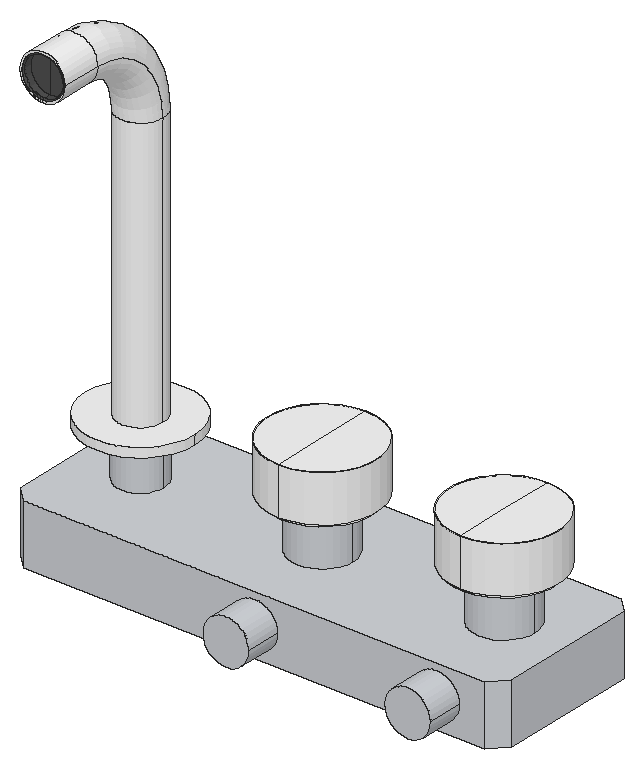
Revit family "Reece_Tap_Milli_Pure_Basin Tap Hostess System_200 mm", category Plumbing Fixtures, host Face, Revit 2018
Family settings
  Host = Face
  Round Connector Dimension = Use Diameter
  Part Type = Normal
  Cut with Voids When Loaded = No
  Shared = Yes
  Room Calculation Point = Yes
Parameters (values of type "Chrome")
  WFU = 0  # constant formula
  URL = "https://www.reece.com.au/product/-2263276"
  Type Comments = "Tap"
  Reece_Tap_Reach = 200 mm  # constant formula
  Reece_Tap_Inlet = 15 mm  # constant formula
  Reece_Product_Web Page = "https://www.reece.com.au/product/-2263276"
  Reece_Product_Type = "Tap"  # constant formula
  Reece_Product_Sub Brand = "Pure"  # constant formula
  Reece_Product_Number = "2263276"
  Reece_Product_Mount = "Wall Mounted"
  Reece_Product_Description = "Milli Pure Wall Basin Hostess System 200mm Right Hand Chrome (3 Star)"
  Reece_Product_Brand = "Milli"  # constant formula
  Reece_Overall_Length = 212.5 mm  # constant formula
  Reece_Material_Main = Reece_Brass_Chrome
  Reece_Detail_Tap_Handle Texture = ""
  Reece_Detail_Installation = ""
  Reece_Detail_Disclaimer = "THIS FILE IS THE PROPERTY OF THE REECE GROUP. IT MAY NOT BE REPRODUCED, REVERSE-ENGINEERED OR MODIFIED. ANY REPUBLICATION, TRANSMISSION OR DISTRIBUTION FOR THE PURPOSE OF COMMERCIALLY EXPLOITING THE FILES IS PROHIBITED."  # constant formula
  Reece_Detail_Connector = ""
  Reece_Detail_Additional = "Basin Tap Hostess System\r\n"  # constant formula
  Model = "Pure"
  Manufacturer = "Milli"
  Keynote = "Product #2263276, Reece_Tap_Milli_Pure_Basin Tap Hostess System_200 mm - Chrome"
  HWFU = 0  # constant formula
  Disclaimer = "THIS FILE IS THE PROPERTY OF THE REECE GROUP. IT MAY NOT BE REPRODUCED, REVERSE-ENGINEERED OR MODIFIED. ANY REPUBLICATION, TRANSMISSION OR DISTRIBUTION FOR THE PURPOSE OF COMMERCIALLY EXPLOITING THE FILES IS PROHIBITED."  # constant formula
  Description = "Milli Pure Wall Basin Hostess System 200mm Chrome (3 Star)"
  Default Elevation = 1000 mm
  CWFU = 0  # constant formula
Types (5, lengths in mm): name | URL | Reece_Product_Web Page | Reece_Product_Number | Reece_Product_Description | Reece_Material_Main | Keynote | Description
  Brushed Gunmetal | "https://www.reece.com.au/product/-2281297" | "https://www.reece.com.au/product/-2281297" | "2281297" | "Milli Pure Wall Basin Hostess System 200mm Right Hand Brushed Gunmetal (3 Star)" | Reece_Brass_Brushed Gunmetal | "Product #2281297, Reece_Tap_Milli_Pure_Basin Tap Hostess System_200 mm - Brushed Gunmetal" | "Milli Pure Wall Basin Hostess System 200mm Brushed Gunmetal (3 Star)"
  Chrome | "https://www.reece.com.au/product/-2263276" | "https://www.reece.com.au/product/-2263276" | "2263276" | "Milli Pure Wall Basin Hostess System 200mm Right Hand Chrome (3 Star)" | Reece_Brass_Chrome | "Product #2263276, Reece_Tap_Milli_Pure_Basin Tap Hostess System_200 mm - Chrome" | "Milli Pure Wall Basin Hostess System 200mm Chrome (3 Star)"
  Matte Black | "https://www.reece.com.au/product/-2281219" | "https://www.reece.com.au/product/-2281219" | "2281219" | "Milli Pure Wall Basin Hostess System 200mm Right Hand Matte Black (3 Star)" | Reece_Brass_Matte Black | "Product #2281219, Reece_Tap_Milli_Pure_Basin Tap Hostess System_200 mm - Matte Black" | "Milli Pure Wall Basin Hostess System 200mm Matte Black (3 Star)"
  PVD Brushed Bronze | "https://www.reece.com.au/product/-9511082" | "https://www.reece.com.au/product/-9511082" | "9511082" | "Milli Pure Wall Basin Hostess System 200mm PVD Brushed Bronze (3 Star)" | Reece_PVD_Brushed Bronze | "Product #9511082, Reece_Tap_Milli_Pure_Basin Tap Hostess System_200 mm - PVD Brushed Bronze" | "Milli Pure Wall Basin Hostess System 200mm PVD Brushed Bronze (3 Star)"
  PVD Brushed Gold | "https://www.reece.com.au/product/-9510897" | "https://www.reece.com.au/product/-9510897" | "9510897" | "Milli Pure Wall Basin Hostess System 200mm PVD Brushed Gold (3 Star)" | Reece_PVD_Brushed Gold | "Product #9510897, Reece_Tap_Milli_Pure_Basin Tap Hostess System_200 mm - PVD Brushed Gold" | "Milli Pure Wall Basin Hostess System 200mm PVD Brushed Gold (3 Star)"
Reference planes
  plane 1 "Center (Front/Back)": y = 0
  plane 2 "Bottom": z = 0
  plane 3 "Center (Left/Right)": x = 0
  plane 4 "Top": z = 212.5
  plane 5: z = 200
  plane 6: y = -67
  plane 7: x = -100
  plane 8: x = 100
Forms (mm)
  Extrusion 1, solid, material "Reece_Brass_Chrome" <- "Reece_Material_Main"
    sketch origin (-50, 0, 0) x (1, 0, 0) y (0, 1, 0)
      loop
        circle (-50, 0) r 30
    from 0 to 5
  Sweep 2, solid, material "Reece_Brass_Chrome" <- "Reece_Material_Main"
    path origin (0, 0, 0) x (0, 1, 0) y (0, 0, 1)
      loop
        line (-67, 200) -> (-45, 200)
        arc (-45, 200) -> (-13.18, 186.82) -> (0, 155) r 45
        line (0, 155) -> (0, 0)
    profile origin (0, 0, 77.5) x (1, 0, 0) y (0, 1, 0)
      loop
        circle (-100, 0) r 12.5
      loop
        circle (-100, 0) r 11.5
  Revolve 3, solid, material "Reece_Brass_Matte Black"
    sketch origin (-100, -183.21, 68.488) x (0, 0.572951, -0.81959) y (0, 0.81959, 0.572951)
      loop
        line (-38.39, 174.619) -> (-37.119, 176.437) -> (-46.38, 182.911) -> (-50.465, 177.068) -> (-49.461, 177.508) -> (-47.184, 180.766) -> (-38.39, 174.619)
      axis (-37.119, 176.437) -> (-41.203, 170.594)
    angle from 0 to 360
  Extrusion 4, solid
    sketch origin (0, 0, 0) x (1, 0, 0) y (0, 1, 0)
      loop
        line (-126.853, 46.5) -> (-135, 38.353) -> (-135, -38.353) -> (-126.853, -46.5) -> (126.853, -46.5) -> (135, -38.353) -> (135, 38.353) -> (126.853, 46.5) -> (-126.853, 46.5)
    from -60 to -27
  Extrusion 5, solid
    sketch origin (50, 0, -3.5) x (-1, 0, 0) y (0, 0, 1)
      loop
        circle (50, -40) r 12.5
    from -66.119 to -46.5
  Extrusion 6, solid
    sketch origin (150, 0, -3.5) x (-1, 0, 0) y (0, 0, 1)
      loop
        circle (50, -40) r 12.5
    from -66.119 to -46.5
  Extrusion 7, void
    sketch origin (-150, 0, 0) x (1, 0, 0) y (0, 1, 0)
      loop
        circle (50, 0) r 17
    from 0 to -27
  Extrusion 8, void
    sketch origin (50, 0, 0) x (-1, 0, 0) y (0, -1, 0)
      loop
        circle (50, 0) r 20
    from 0 to -27
  Extrusion 9, void
    sketch origin (150, 0, 0) x (-1, 0, 0) y (0, -1, 0)
      loop
        circle (50, 0) r 20
    from 0 to -27
  Extrusion 10, solid
    sketch origin (-50, 0, 0) x (1, 0, 0) y (0, 1, 0)
      loop
        circle (50, 0) r 17
    from 0 to -27
  Extrusion 11, solid
    sketch origin (-150, 0, 0) x (1, 0, 0) y (0, 1, 0)
      loop
        circle (50, 0) r 13
    from 0 to -27
  Extrusion 12, solid
    sketch origin (50, 0, 0) x (1, 0, 0) y (0, 1, 0)
      loop
        circle (50, 0) r 17
    from 0 to -27
Cuts and joins
  Extrusion 7 cuts Extrusion 1
  Extrusion 7 cuts Sweep 2
  joined: Extrusion 1, Sweep 2
  Extrusion 7, Extrusion 8, Extrusion 9 cuts Extrusion 4
  Extrusion 7, Extrusion 8, Extrusion 9 cuts Extrusion 5
  Extrusion 7, Extrusion 8, Extrusion 9 cuts Extrusion 6
  joined: Extrusion 4, Extrusion 5, Extrusion 6, Extrusion 10, Extrusion 11, Extrusion 12
Text (mm)
  text "Reece Copyright © 2018, Reece Ltd." at (-1058.61, -264.036, 0), in view "Ref. Level"
  text "Reece ©" at (-5.966, 172.492, 156.237), in view "Reece Preview"
Dimensions and locks
  "Reece_Tap_Reach": plane 5 to plane 2 "Bottom"
  plane 1 "Center (Front/Back)" to plane 6 = 67 mm
  locked: plane 4 "Top" to plane 5 at 12.5
  "Reece_Overall_Length": plane 4 "Top" to plane 2 "Bottom"
  plane 7 to plane 3 "Center (Left/Right)" to nested 2 = 100 mm, 100 mm
  aligned and locked: plane 2 "Bottom" to host face
  aligned and locked: level to host face
Automatic sketch dimensions
  host sketch curve to host sketch curve = 380.785 mm
  host sketch curve to host sketch curve = 317.421 mm
  plane 1 "Center (Front/Back)" to Extrusion 1 sketch curve = 0 mm
  Extrusion 1 sketch curve to plane 3 "Center (Left/Right)" = 100 mm
  Sweep 2 sketch curve to plane 5 = 0 mm
  Sweep 2 sketch curve to plane 6 = 0 mm
  level to Sweep 2 sketch curve = 0 mm
  Sweep 2 sketch curve to plane 1 "Center (Front/Back)" = 0 mm
  Sweep 2 sketch curve to plane 6 = 22 mm
  Sweep 2 sketch curve to Sweep 2 sketch curve = 0 mm  (x2)
  profile plane to Sweep 2 sketch curve = 0 mm
  Sweep 2 sketch curve to plane 3 "Center (Left/Right)" = 100 mm
  Revolve 3 sketch curve to plane 5 = 0 mm  (x4)
  Revolve 3 sketch curve to plane 6 = 0 mm
  Revolve 3 sketch curve to plane 4 "Top" = 1.2 mm
  Revolve 3 sketch curve to Revolve 3 sketch curve = 1.003 mm
  Revolve 3 sketch curve to Revolve 3 sketch curve = 2.278 mm
  Revolve 3 sketch curve to Revolve 3 sketch curve = 0.803 mm
  Revolve 3 sketch curve to Revolve 3 sketch curve = 1.271 mm
  Revolve 3 sketch curve to Revolve 3 sketch curve = 17.422 mm
  Revolve 3 sketch curve to Revolve 3 sketch curve = 3.892 mm
  Extrusion 4 sketch curve to Extrusion 4 sketch curve = 8.147 mm  (x7)
  Extrusion 4 sketch curve to plane 1 "Center (Front/Back)" = 46.5 mm
  Extrusion 4 sketch curve to plane 3 "Center (Left/Right)" = 126.853 mm
  Extrusion 4 sketch curve to plane 6 = 20.5 mm
  Extrusion 4 sketch curve to Extrusion 4 sketch curve = 0 mm
  plane 3 "Center (Left/Right)" to Extrusion 4 sketch curve = 126.853 mm
  Extrusion 5 sketch curve to plane 3 "Center (Left/Right)" = 0 mm
  Extrusion 5 sketch curve to level = 43.5 mm
  Extrusion 6 sketch curve to level = 43.5 mm
  plane 3 "Center (Left/Right)" to Extrusion 6 sketch curve = 100 mm
  Extrusion 7 sketch curve to Extrusion 7 sketch curve = 0 mm  (x2)
  plane 1 "Center (Front/Back)" to Extrusion 7 sketch curve = 0 mm
  Extrusion 7 sketch curve to plane 7 = 0 mm
  Extrusion 7 sketch curve to plane 7 = 17 mm
  Extrusion 8 sketch curve to Extrusion 8 sketch curve = 0 mm  (x2)
  plane 1 "Center (Front/Back)" to Extrusion 8 sketch curve = 0 mm
  Extrusion 8 sketch curve to plane 3 "Center (Left/Right)" = 0 mm
  Extrusion 8 sketch curve to plane 3 "Center (Left/Right)" = 20 mm
  Extrusion 9 sketch curve to Extrusion 9 sketch curve = 0 mm  (x2)
  plane 1 "Center (Front/Back)" to Extrusion 9 sketch curve = 0 mm
  Extrusion 9 sketch curve to plane 8 = 0 mm
  plane 8 to Extrusion 9 sketch curve = 20 mm
  Extrusion 10 sketch curve to Extrusion 10 sketch curve = 0 mm  (x2)
  plane 1 "Center (Front/Back)" to Extrusion 10 sketch curve = 0 mm
  Extrusion 10 sketch curve to plane 3 "Center (Left/Right)" = 0 mm
  Extrusion 10 sketch curve to Extrusion 10 sketch curve = 17 mm
  Extrusion 11 sketch curve to Extrusion 11 sketch curve = 0 mm  (x2)
  plane 1 "Center (Front/Back)" to Extrusion 11 sketch curve = 0 mm
  Extrusion 11 sketch curve to plane 7 = 0 mm
  Extrusion 11 sketch curve to plane 7 = 13 mm
  Extrusion 12 sketch curve to Extrusion 12 sketch curve = 0 mm  (x2)
  plane 1 "Center (Front/Back)" to Extrusion 12 sketch curve = 0 mm
  Extrusion 12 sketch curve to plane 8 = 0 mm
  Extrusion 12 sketch curve to Extrusion 12 sketch curve = 17 mm
  radius of Extrusion 1 sketch curve = 30 mm
  radius of Sweep 2 sketch curve = 12.5 mm
  radius of Sweep 2 sketch curve = 11.5 mm
  radius of Extrusion 5 sketch curve = 12.5 mm
  radius of Extrusion 6 sketch curve = 12.5 mm
Nested families
  nested 1: "Reece_Tap_Milli_Pure_Cap_Main_2D" at (0, 0, 0), Reece_Material_Main <- "Reece_Material_Main", Reece_Material_Secondary <- "Reece_Material_Main", type "60mm x 28mm"
    with Reece_Material_Secondary Reece_Brass_Chrome, Reece_Material_Main Reece_Brass_Chrome
  nested 2: "Reece_Tap_Milli_Pure_Cap_Main_2D" at (100, 0, 0), Reece_Material_Main <- "Reece_Material_Main", Reece_Material_Secondary <- "Reece_Material_Main", type "60mm x 28mm"
    with Reece_Material_Secondary Reece_Brass_Chrome, Reece_Material_Main Reece_Brass_Chrome
Connectors
  piping at (0, -66.119, -43.5), diameter 15, driven by "Reece_Tap_Inlet"
    settings: on cut or joined group 1 (Extrusion 4, Extrusion 5, Extrusion 6, Extrusion 7, Extrusion 8, Extrusion 9, Extrusion 10, Extrusion 11, Extrusion 12), index 1, connector inside diameter 609.6 mm, connector length 0 mm, flow factor 0, pipe flow 0.0 L/s, pressure drop 0.0 Pa, fitting loss kfactor 0, connector angle 0.00°, fixture units 0, engagement length 0 mm, angle of deflection 0.00°, flow configuration 0, flow direction 1, fitting loss method 0, system type 29, joint type 0, gender type 0, connector reference index -1, connector utility 0, adjustable connector no, is connector primary yes, connector description ""
  piping at (100, -66.119, -43.5), diameter 15, driven by "Reece_Tap_Inlet"
    settings: on cut or joined group 1, index 2, connector inside diameter 609.6 mm, connector length 0 mm, flow factor 0, pipe flow 0.0 L/s, pressure drop 0.0 Pa, fitting loss kfactor 0, connector angle 0.00°, fixture units 0, engagement length 0 mm, angle of deflection 0.00°, flow configuration 0, flow direction 1, fitting loss method 0, system type 29, joint type 0, gender type 0, connector reference index -1, connector utility 0, adjustable connector no, is connector primary no, connector description ""
Definition of nested family "Reece_Tap_Milli_Pure_Cap_Main_2D"
  Parameters (values of type "62mm x 30mm")
    WFU = 0  # constant formula
    Reece_Overall_Width = 62 mm
    Reece_Overall_Height = 30 mm
    Reece_Material_Secondary [instance] = none
    Reece_Material_Main [instance] = none
    Reece_Detail_Installation = ""
    Reece_Detail_Connector = ""
    Reece_Detail_Additional = ""
    HWFU = 0  # constant formula
    Default Elevation = 1000 mm
    CWFU = 0  # constant formula
  Types (4, lengths in mm): name | Reece_Overall_Width | Reece_Overall_Height
    62mm x 30mm | 62 | 30
    60mm x 28mm | 60 | 28
    54mm x 30mm | 54 | 30
    60mm x 26mm | 60 | 26
  Reference planes
    plane 1 "Center (Front/Back)": y = 0
    plane 2 "Bottom": z = 0
    plane 3 "Center (Left/Right)": x = 0
    plane 4: y = -31
    plane 5: y = 31
    plane 6: z = 30
    plane 7: y = -29
    plane 8: y = 29
    plane 9: z = 16
    plane 10: z = 2
  Forms (mm)
    Extrusion 1, solid
      sketch origin (619.2, -619.2, 0) x (1, 0, 0) y (0, 1, 0)
        loop
          line (-809.2, 779.2) -> (-809.2, 461.779) -> (-428.415, 461.779) -> (-428.415, 779.2) -> (-809.2, 779.2)
      from 0 to -9.564
    Revolve 2, solid, material <- "Reece_Material_Secondary"
      sketch origin (0, 50, 0) x (0, -1, 0) y (0, 0, 1)
        loop
          line (50, 0) -> (79, 0) -> (79, 2) -> (81, 2) -> (81, 30) -> (79, 28) -> (50, 28) -> (50, 0)
        axis (50, 0) -> (50, 30)
      angle from 0 to 360
    Revolve 3, solid, material <- "Reece_Material_Main"
      sketch origin (0, 50, 0) x (0, -1, 0) y (0, 0, 1)
        loop
          line (81, 30) -> (50, 30) -> (50, 28) -> (79, 28) -> (81, 30)
        axis (50, 28) -> (50, 30)
      angle from 0 to 360
  Text (mm)
    text "Reece Copyright © 2018, Reece Ltd." at (-1403.988, -1192.393, 0), in view "Ref. Level"
    text "Reece ©" at (44.384, 258.95, 192.345), in view "Reece Preview"
  Dimensions and locks
    equal spacing: plane 5, plane 1 "Center (Front/Back)", plane 4
    "Reece_Overall_Width": plane 5 to plane 4
    "Reece_Overall_Height": plane 6 to plane 2 "Bottom"
    locked: plane 7 to plane 4 at 2
    locked: plane 5 to plane 8 at 2
    equal spacing: plane 6, plane 9, plane 10
    locked: plane 10 to plane 2 "Bottom" at 2
    aligned and locked: plane 2 "Bottom" to Extrusion 1
    aligned and locked: level to Extrusion 1
    aligned and locked: plane 7 to Revolve 2 sketch curve
  Automatic sketch dimensions
    Extrusion 1 sketch curve to Extrusion 1 sketch curve = 380.785 mm
    Extrusion 1 sketch curve to Extrusion 1 sketch curve = 317.421 mm
    Revolve 2 sketch curve to plane 1 "Center (Front/Back)" = 0 mm  (x2)
    Revolve 2 sketch curve to level = 0 mm
    Revolve 2 sketch curve to plane 7 = 0 mm
    Revolve 2 sketch curve to plane 4 = 0 mm
    Revolve 2 sketch curve to plane 6 = 0 mm  (x2)
    level to Revolve 2 sketch curve = 2 mm
    Revolve 2 sketch curve to plane 6 = 2 mm
    Revolve 2 sketch curve to Revolve 2 sketch curve = 10 mm
    Revolve 3 sketch curve to plane 1 "Center (Front/Back)" = 0 mm  (x2)
    Revolve 3 sketch curve to plane 7 = 0 mm
    Revolve 3 sketch curve to plane 4 = 0 mm
    Revolve 3 sketch curve to plane 6 = 0 mm  (x2)
    Revolve 3 sketch curve to plane 6 = 2 mm
    Revolve 3 sketch curve to Revolve 3 sketch curve = 10 mm
